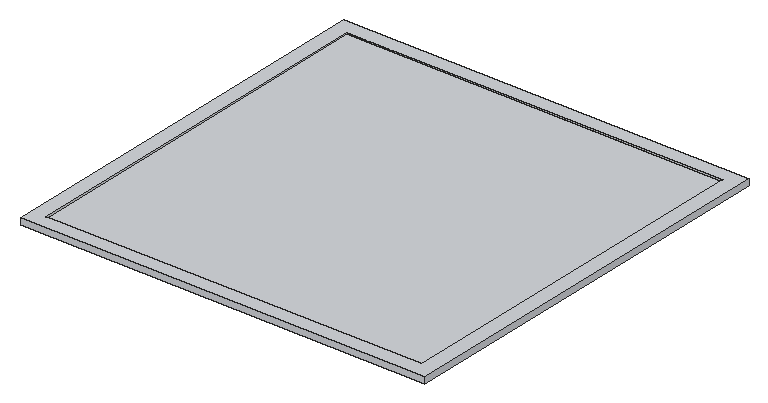
Revit family "595x595_START Panel Backlit UGR19 - Copy - Copy - Copy (2)", category Lighting Fixtures, host Face, Revit 2017
Family settings
  Host = Face
  Round Connector Dimension = Use Diameter
  Part Type = Normal
  OmniClass Number = 23.80.70.00
  OmniClass Title = Lighting
  Cut with Voids When Loaded = No
  Light Source = Yes
  Shared = No
  Room Calculation Point = No
Parameters (values of type "0042235")
  Weight = "119.34 kg"
  Wattage Comments = ""
  Wattage = 34 W
  WarrantyStartDate [instance] = "n/a"
  WarrantyGuarantorParts = "n/a"
  WarrantyDurationUnit = "n/a"
  WarrantyDurationParts = "n/a"
  WarrantyDescription = "n/a"
  WIDTH_SYL = 297.5 mm
  built-in parameter 1150110 = 1 (stored number, unit not read)
  Voltage = 0 V
  URL = "http://www.sylvania-lighting.com"
  TypeName = "0042235 ST PANEL 600X600 HE 4300LM 840 LILO"
  Type Image = <None>
  Type Comments = "n/a"
  built-in parameter 1114217 = 1 (stored number, unit not read)
  Tilt Angle = -90.00°
  built-in parameter 1150109 = 1 (stored number, unit not read)
  built-in parameter 1150134 = 12
  TOPWIDTH_SYL = 245 mm
  built-in parameter 1150113 = 1 (stored number, unit not read)
  SerialNumber [instance] = "n/a"
  Photometric Web File = "0042235.ies"
  Material_3_SYL = none
  PowerFactor = 0.9
  PowerConsumption = "34 W"
  NominalLength = 595 mm
  NominalHeight = 35 mm
  NominalDepth = 595 mm
  Name = "START Panel 600x600 HE 4300Lm 840 LILO"
  ModelReference = Name  # "START Panel 600x600 HE 4300Lm 840 LILO"
  ModelNumber = "0042235"
  Model = Name  # "START Panel 600x600 HE 4300Lm 840 LILO"
  Material = "aluminium,steel housing, other diffuser"
  ManufacturerName = "Feilo Sylvania"
  Manufacturer = "Feilo Sylvania"
  MAINHEIGHT_SYL = 63 mm
  LuminousEfficacy = "126 lm/W"
  built-in parameter 1150105 = 340.91 (stored number, unit not read)
  Lumens = 4284 lm
  LuminaireType = ""
  built-in parameter 1150115 = 1 (stored number, unit not read)
  LightOutputRatio = ""
  built-in parameter 1150137 = (empty or 0)
  built-in parameter 1150139 = (empty or 0)
  LampsType = Lamp  # "LED"
  LampNominalLuminous = "4300 lm"
  LampMacAdamStep = "6"
  LampColourTemperature = "4000 K"
  LampColourRenderingIndex = "80"
  built-in parameter 1150112 = 1 (stored number, unit not read)
  built-in parameter 1150114 = 1 (stored number, unit not read)
  Lamp = "LED"
  LUMWIDTH_SYL = 276.5 mm
  LUMDEPTH_SYL = 276.5 mm
  Keynote = "16500"
  InstallationDate [instance] = "n/a"
  InputVoltage = ""
  InputNominalFrequency = ""
  built-in parameter 1150132 = (empty or 0)
  built-in parameter 1150102 = (empty or 0)
  built-in parameter 1150107 = 4000 (stored number, unit not read)
  built-in parameter 1150138 = (empty or 0)
  IngressProtection = "IP40/20"
  ImpactProtectionIndex = "IK03"
  built-in parameter 1150106 = 3.4091 (stored number, unit not read)
  IfcExportType = "IfcLightFixtureType"
  IfcExportAs = "IfcLightFixtureType"
  HEIGHT_SYL = 33 mm
  HEIGHTBOTT_SYL = 7 mm
  Emit from Circle Diameter = 609.6 mm
  Emit Shape Visible in Rendering = no
  ElectricShockClassification = "Class II"
  built-in parameter 1150104 = 11.706 (stored number, unit not read)
  DocumentationLiterature = "http://www.sylvania-lighting.com/product/en-int/products/0042235"
  DimmingControlOptions = "n/a"
  Material_2_SYL = none
  Dimming Lamp Color Temperature Shift = <None>
  Description = ""
  Default Elevation = 1219.2 mm
  DEPTH_SYL = 297.5 mm
  CreatedOn = "7/3/2020"
  CreatedBy = "@sylvania-lighting.com"
  Cost = 0
  Color Filter = 16777215
  built-in parameter 1114216 [instance] = (empty or 0)
  ClassificationValue = "EF_70_80"
  ClassificationName = "Uniclass2015"
  Material_1_SYL = none
  BarCode [instance] = "n/a"
  built-in parameter 1114218 = 1 (stored number, unit not read)
  BOX_WIDTH_SYL = 40 mm
  built-in parameter 1150133 = 10 (stored number, unit not read)
  AssetType = "Fixed"
  AssetIdentifier [instance] = "n/a"
  Assembly Code = "D5020200"
  Apparent Load = 34 VA
  Material_4_SYL = none
  -LUMDEPTH_SYL = LUMDEPTH_SYL * (-1)  # -276.5 mm
Reference planes
  plane 1 "Center (Front/Back)": y = 0
  plane 2: z = 0
  plane 3 "Center (Left/Right)": x = 0
  plane 4: x = -297.5
  plane 5: x = 297.5
  plane 6: y = 297.5
  plane 7: y = -297.5
  plane 8: x = 276.5
  plane 9: x = -276.5
  plane 10: y = 276.5
  plane 11: y = -276.5
  plane 12: z = -33
  plane 13: z = -7
  plane 14: x = -245
  plane 15: x = 245
  plane 16: y = -245
  plane 17: y = 245
  plane 18: y = 276.5
  plane 19: y = -276.5
  plane 20: z = -63
  plane 21: x = -40
  plane 22: x = 40
Forms (mm)
  Extrusion 1, solid
    sketch origin (0, 0, 0) x (1, 0, 0) y (0, 1, 0)
      loop
        line (-297.5, 297.5) -> (-297.5, -297.5) -> (297.5, -297.5) -> (297.5, 297.5) -> (-297.5, 297.5)
    from -7 to 2
  Extrusion 2, void
    sketch origin (0, 0, 0) x (1, 0, 0) y (0, 1, 0)
      loop
        line (-276.5, 276.5) -> (-276.5, -276.5) -> (276.5, -276.5) -> (276.5, 276.5) -> (-276.5, 276.5)
    from 0 to 10
  Extrusion 3, solid
    sketch origin (0, 0, 0) x (1, 0, 0) y (0, 0, 1)
      loop
        line (-276.5, -7) -> (-245, -33) -> (245, -33) -> (276.5, -7) -> (-276.5, -7)
    from -276.5 <- "-LUMDEPTH_SYL" to 276.5 <- "LUMDEPTH_SYL"
  Extrusion 4, void
    sketch origin (319, 1524, 1219.2) x (0, 1, 0) y (0, 0, 1)
      loop
        line (-1279, -1252.2) -> (-1247.5, -1252.2) -> (-1247.5, -1226.2) -> (-1279, -1252.2)
      loop
        line (-1800.5, -1226.2) -> (-1800.5, -1252.2) -> (-1769, -1252.2) -> (-1800.5, -1226.2)
    from -1000 to 1000
  Extrusion 5, solid
    sketch origin (0, 0, 0) x (1, 0, 0) y (0, 0, 1)
      loop
        line (-40, -33) -> (-40, -63) -> (40, -63) -> (40, -33) -> (-40, -33)
    from -40 to 40
Cuts and joins
  Extrusion 2 cuts Extrusion 1
  Extrusion 4 cuts Extrusion 3
Dimensions and locks
  "WIDTH_SYL": plane 4 to plane 3 "Center (Left/Right)" to plane 5
  "DEPTH_SYL": plane 7 to plane 1 "Center (Front/Back)" to plane 6
  "LUMWIDTH_SYL": plane 9 to plane 3 "Center (Left/Right)" to plane 8
  "LUMDEPTH_SYL": plane 11 to plane 1 "Center (Front/Back)" to plane 10
  "HEIGHT_SYL": host face to plane 12
  "HEIGHTBOTT_SYL": host face to plane 13
  "TOPWIDTH_SYL": plane 14 to imposter light to plane 15
  "TOPWIDTH_SYL": plane 17 to imposter light to plane 16
  "LUMWIDTH_SYL": plane 18 to imposter light to plane 19
  "MAINHEIGHT_SYL": host face to plane 20
  "BOX_WIDTH_SYL": plane 21 to imposter light to plane 22
  Extrusion 5 sketch curve to Extrusion 5 sketch curve to plane 13 = 30 mm, 26 mm
  aligned and locked: plane 2 to host face
  aligned and locked: level to host face
  aligned and locked: plane 6 to Extrusion 1 sketch curve
  aligned and locked: plane 4 to Extrusion 1 sketch curve
  aligned and locked: Extrusion 1 sketch curve to plane 7
  aligned and locked: Extrusion 1 sketch curve to plane 5
  aligned and locked: plane 10 to Extrusion 2 sketch curve
  aligned and locked: Extrusion 2 sketch curve to plane 9
  aligned and locked: Extrusion 2 sketch curve to plane 11
  aligned and locked: plane 8 to Extrusion 2 sketch curve
  aligned and locked: Extrusion 5 sketch curve to plane 21
  aligned and locked: plane 22 to Extrusion 5 sketch curve
Automatic sketch dimensions
  host sketch curve to host sketch curve = 2438.4 mm  (x2)
  plane 9 to Extrusion 3 sketch curve = 0 mm
  Extrusion 3 sketch curve to plane 12 = 0 mm
  plane 14 to Extrusion 3 sketch curve = 0 mm
  plane 15 to Extrusion 3 sketch curve = 0 mm
  plane 8 to Extrusion 3 sketch curve = 0 mm
  Extrusion 3 sketch curve to plane 13 = 0 mm
  Extrusion 4 sketch curve to plane 11 = 0 mm
  plane 12 to Extrusion 4 sketch curve = 0 mm  (x2)
  Extrusion 4 sketch curve to plane 16 = 0 mm
  Extrusion 4 sketch curve to plane 17 = 0 mm
  Extrusion 4 sketch curve to plane 10 = 0 mm
  plane 13 to Extrusion 4 sketch curve = 0 mm  (x2)
